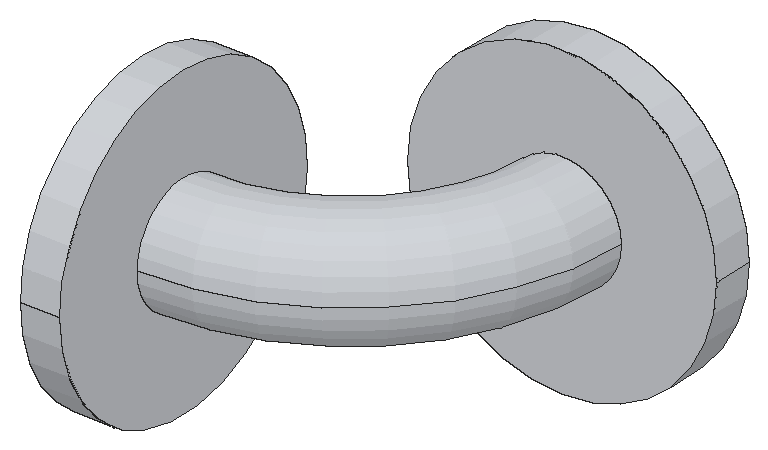
Revit family "12351ed180a14d4f8ae68e670a26db3d", category Pipe Fittings, Revit 2021
Family settings
  Round Connector Dimension = Use Radius
  Part Type = Elbow
  OmniClass Number = 23.60.30.11.14
  OmniClass Title = Pipework Fittings
  Seek Item ID = Elbow - Flanged - GI - Class 250-0000-USA-ENU
  Work Plane-Based = No
  Always vertical = Yes
  Cut with Voids When Loaded = No
  Shared = No
Parameters (values of type "Standard")
  Wall Thickness [instance] = size_lookup(Lookup Table Name, "WThk", 0.06 * Nominal Diameter + 97/256", Nominal Diameter)  # 0.43701"
  Loss Method = K Coefficient from Table
  Lookup Table Name = "Elbow - Flanged - GI - Class 250"
  Length 4 [instance] = Center to Face * sin(Angle)  # 4.01575"
  Length 3 [instance] = Center to Face + Center to Face * cos(Angle)  # 4.01575"
  Tick Size [instance] = Flange Diameter * 0.4  # 1.95276"
  Raised Face Thickness [instance] = 1/16"  # constant formula
  Raised Face Radius [instance] = Raised Face Diameter / 2  # 1.33858"
  Raised Face Diameter [instance] = size_lookup(Lookup Table Name, "RFD", 1.2 * Nominal Diameter + 2 1/256", Nominal Diameter)  # 2.67717"
  Length 2 [instance] = Flange Thickness - Raised Face Thickness  # 0.62648"
  K Coefficient Table = "Regular Flanged 90 and 180 Elbow"
  Fitting Outside Radius [instance] = Fitting Outside Diameter / 2  # 0.92913"
  Fitting Outside Diameter [instance] = Fitting Inside Diameter + Wall Thickness * 2  # 1.85827"
  Length 1 [instance] = (Fitting Outside Radius + 1/32") * tan(Angle / 2) + Flange Thickness  # 1.64936"
  Nominal Radius [instance] = 1/2"
  Nominal Diameter [instance] = Nominal Radius * 2  # 1"
  Fitting Inside Diameter [instance] = size_lookup(Lookup Table Name, "FID", 0.97 * Nominal Diameter + 13/128", Nominal Diameter)  # 0.98425"
  Default Elevation = 0' - 0"
  Center to Face 1 [instance] = size_lookup(Lookup Table Name, "CtF1", 0.82 * Nominal Diameter + 3 63/128", Nominal Diameter)  # 4.01575"
  Center to Face 2 [instance] = size_lookup(Lookup Table Name, "CtF2", 0.43 * Nominal Diameter + 2 13/32", Nominal Diameter)  # 2.00787"
  Center to Face [instance] = if(and(Angle > 0.00°, (not(Angle > 45.00°))), if(Center to Face 2 > Fitting Outside Radius * tan(Angle / 2) + Flange Thickness, Center to Face 2, Length 1), if(Center to Face 1 > Fitting Outside Radius * tan(Angle / 2) + Flange Thickness, Center to Face 1, Length 1))  # 4.01575"
  Center Radius [instance] = (Center to Face - Flange Thickness) / tan(Angle / 2)  # 3.32677"
  Flange Thickness [instance] = size_lookup(Lookup Table Name, "FThk", 0.08 * Nominal Diameter + 217/256", Nominal Diameter)  # 0.68898"
  Flange Radius [instance] = Flange Diameter / 2  # 2.44094"
  Flange Diameter [instance] = size_lookup(Lookup Table Name, "FDia", 1.34 * Nominal Diameter + 4 3/16", Nominal Diameter)  # 4.88189"
  Assembly Code = ""
  Angle [instance] = 90.00°
Reference planes (in)
  plane 1 "Center (Front/Back)": y = 0
  plane 2: z = 0
  plane 3 "Center (Left/Right)": x = 0
  plane 4: x = -3.32677
  plane 5: x = -4.01575
  plane 6: y = 3.32677
  plane 7: y = 1.95276
  plane 8: y = -1.95276
  plane 9: x = -3.32677
  plane 10: x = -3.95325
  plane 11: y = 4.01575
  plane 12: x = 0
Forms (in)
  Sweep 1, solid, detail levels fine
    path in 3D
      loop
        arc (-3.32677, 0, 0) -> (-0.97439, 0.97439, 0) -> (0, 3.32677, 0) r 3.32677
    profile origin (-0.97439, 0.97439, 0) x (-0.707107, 0.707107, 0) y (0, 0, 1)
      loop
        circle (0, 0) r 0.92913
  Sweep 2, solid, detail levels fine
    path in 3D
      loop
        line (-3.95325, 0, 0) -> (-3.32677, 0, 0)
    profile origin (-3.64001, 0, 0) x (0, 1, 0) y (0, 0, 1)
      loop
        circle (0, 0) r 2.44094
  Sweep 3, solid, detail levels fine
    path in 3D
      loop
        line (0, 3.32677, 0) -> (0, 3.95325, 0)
    profile origin (0, 3.64001, 0) x (-1, 0, 0) y (0, 0, 1)
      loop
        circle (0, 0) r 2.44094
  Sweep 4, solid, detail levels fine
    path in 3D
      loop
        line (-4.01575, 0, 0) -> (-3.95325, 0, 0)
    profile origin (-3.9845, 0, 0) x (0, 1, 0) y (0, 0, 1)
      loop
        circle (0, 0) r 1.33858
  Sweep 5, solid, detail levels fine
    path in 3D
      loop
        line (0, 4.01575, 0) -> (0, 3.95325, 0)
    profile origin (0, 3.9845, 0) x (1, 0, 0) y (0, 0, 1)
      loop
        circle (0, 0) r 1.33858
Cuts and joins
  joined: Sweep 1, Sweep 2, Sweep 3, Sweep 4, Sweep 5
Lines and regions (in)
  model lines, detail levels coarse+medium
    curve 1: line (-3.95325, 0, 0) -> (-3.32677, 0, 0)
    curve 2: arc (-3.32677, 0, 0) -> (-0.97439, 0.97439, 0) -> (0, 3.32677, 0) r 3.32677
    curve 3: line (0, 3.32677, 0) -> (0, 3.95325, 0)
    curve 8: line (-4.01575, 0, 0) -> (-4.01575, 1.95276, 0)
    curve 9: line (-4.01575, 0, 0) -> (-4.01575, -1.95276, 0)
    curve 10: line (-4.01575, 0, 0) -> (-3.95325, 0, 0)
    curve 13: line (0, 4.01575, 0) -> (-1.95276, 4.01575, 0)
    curve 14: line (0, 4.01575, 0) -> (1.95276, 4.01575, 0)
    curve 15: line (0, 4.01575, 0) -> (0, 3.95325, 0)
  sketch lines
    curve 4: arc (-3.32677, 0, 0) -> (-0.97439, 0.97439, 0) -> (0, 3.32677, 0) r 3.32677
    curve 5: line (-3.95325, 0, 0) -> (-3.32677, 0, 0)
    curve 6: line (0, 3.32677, 0) -> (0, 3.95325, 0)
    curve 11: line (-4.01575, 0, 0) -> (-3.95325, 0, 0)
    curve 16: line (0, 4.01575, 0) -> (0, 3.95325, 0)
  reference lines
    curve 7: line (-4.01575, 0, 0) -> (-3.32677, 0, 0)
    curve 12: line (0, 4.01575, 0) -> (0, 3.32677, 0)
Dimensions and locks (in)
  "Center Radius": plane 6 to plane 1 "Center (Front/Back)"
  "Flange Thickness": plane 5 to plane 4
  "Tick Size": plane 7 to plane 1 "Center (Front/Back)"
  "Tick Size": plane 8 to plane 1 "Center (Front/Back)"
  "Length 2": curve 3 to curve 3
  locked: plane 5 to plane 9 at 0.68898
  "Center to Face": plane 5 to plane 3 "Center (Left/Right)"
  "Raised Face Thickness": plane 5 to plane 10
  "Length 4": plane 11 to plane 1 "Center (Front/Back)"
  "Length 3": plane 5 to plane 12
  locked: curve 12 to curve 12 at 0.68898
  "Tick Size": curve 13 to curve 13
  "Tick Size": curve 14 to curve 14
  "Raised Face Thickness": curve 15 to curve 15
  "Center Radius": radius of curve 2
  "Fitting Outside Radius": radius of Sweep 1 sketch curve
  "Flange Radius": radius of Sweep 2 sketch curve
  "Flange Radius": radius of Sweep 3 sketch curve
  "Raised Face Radius": radius of Sweep 4 sketch curve
  "Raised Face Radius": radius of Sweep 5 sketch curve
  "Angle": angle curve 2 to curve 2
  "Angle": angle plane 1 "Center (Front/Back)" to curve 3
  "Angle": angle plane 1 "Center (Front/Back)" to curve 12
  "Angle": angle plane 3 "Center (Left/Right)" to curve 13
  "Angle": angle plane 3 "Center (Left/Right)" to curve 14
  "Angle": angle plane 1 "Center (Front/Back)" to curve 15
  aligned and locked: plane 4 to curve 2
  aligned and locked: plane 5 to curve 7
  aligned and locked: plane 9 to curve 7
  aligned and locked: plane 1 "Center (Front/Back)" to curve 7
  aligned and locked: plane 7 to curve 8
  aligned and locked: plane 1 "Center (Front/Back)" to curve 9
  aligned and locked: plane 8 to curve 9
  aligned and locked: plane 10 to curve 1
  aligned and locked: plane 5 to curve 10
  aligned and locked: plane 12 to curve 12
  aligned and locked: plane 11 to curve 12
  aligned and locked: plane 11 to curve 15
Automatic sketch dimensions
  Sweep 1 sketch curve to profile plane = 0' - 0"  (x2)
  Sweep 2 sketch curve to profile plane = 0' - 0"  (x2)
  Sweep 3 sketch curve to profile plane = 0' - 0"  (x2)
  Sweep 4 sketch curve to profile plane = 0' - 0"  (x2)
  Sweep 5 sketch curve to profile plane = 0' - 0"  (x2)
Connectors (in)
  piping at (-4.01575, 0, 0), diameter 1, driven by "Nominal Radius", driven by "Angle"
    settings: on cut or joined group of Sweep 1, Sweep 2, Sweep 3, Sweep 4, Sweep 5, index 1, connector inside diameter 1", connector length 0' - 0", flow factor 0, pipe flow 0 GPM, pressure drop 0.00 psi, fitting loss kfactor 0, connector angle 90.00°, fixture units 0, engagement length 0' - 0", angle of deflection 0.00°, flow configuration 0, flow direction 0, fitting loss method 0, system type 28, joint type 0, gender type 0, connector reference index 2, connector utility 0, adjustable connector no, is connector primary yes, connector description ""
  piping at (0, 4.01575, 0), diameter 1, driven by "Nominal Radius", driven by "Angle"
    settings: on cut or joined group of Sweep 1, Sweep 2, Sweep 3, Sweep 4, Sweep 5, index 2, connector inside diameter 1", connector length 0' - 0", flow factor 0, pipe flow 0 GPM, pressure drop 0.00 psi, fitting loss kfactor 0, connector angle 90.00°, fixture units 0, engagement length 0' - 0", angle of deflection 0.00°, flow configuration 0, flow direction 0, fitting loss method 0, system type 28, joint type 0, gender type 0, connector reference index 1, connector utility 0, adjustable connector no, is connector primary no, connector description ""
